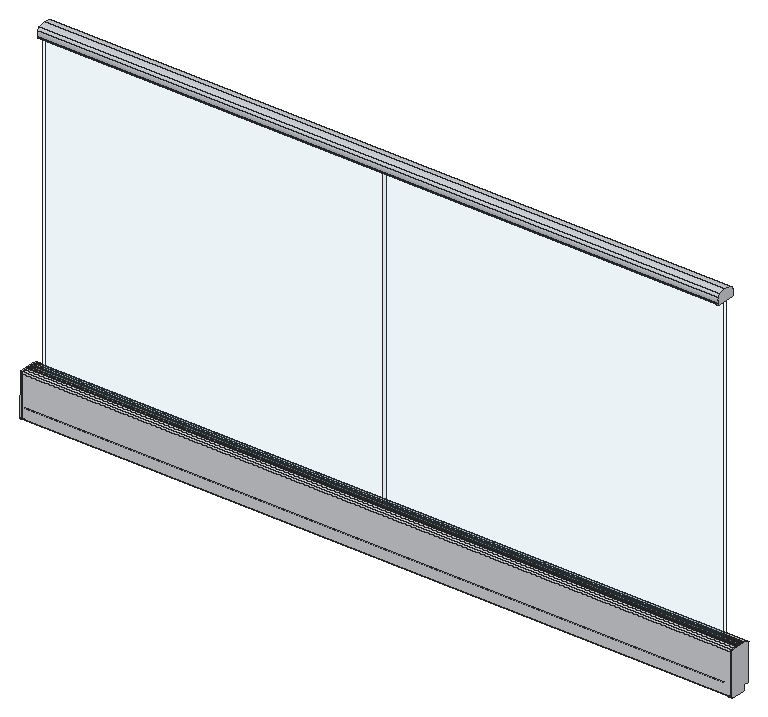
Revit family "Panorama", category Generic Models, Revit 2020
Family settings
  Can host rebar = No
  Round Connector Dimension = Use Diameter
  Part Type = Normal
  Work Plane-Based = No
  Always vertical = Yes
  Cut with Voids When Loaded = No
  Shared = No
  Room Calculation Point = No
Parameters (values of type "PANORAMA (VRT Top rail)")
  Height = 1218 mm
  Hand rail height = 850 mm
  VRT(Side fix) = no
  VRT (Top rail) = yes
  VRR (Top rail) = no
  VRR (Side fix) = no
  VRE (Top rail) = no
  VRE (Side fix) = no
  URL = "WWW.UNEX.CO.NZ"
  Panel Size = C2C / Panel QTY  # 1200 mm
  Panel QTY = roundup(C2C / Max Panel Size)  # 2
  PRR(Side fix) = no
  PRR (Top Rail) = no
  Model = "UNEX, PANORAMA SIDE FIXED WITH TOP (VRT)"
  Max Panel Size = 1400 mm
  Manufacturer = "UNEX SYSTEMS"
  Length = 2500 mm
  LRS (Top rail) = no
  LRR ( Side fix Round hand rail) = no
  Keynote = "UNEX SYSTEMS, PANORAMA SIDE FIXED BALUSTRADE"
  Hand rail space = Panel Size - 200 mm  # 1000 mm
  Hand rail brackets = no
  Hand rail QTY = Panel QTY  # 2
  Glass Thickness = 15 mm
  Glass Height = Height - 44 mm  # 1174 mm
  End gap = 50 mm
  Description = "UNEX PANORAMA FRAMELESS GLASS WITH VRT TOP RAIL"
  Default Elevation = 0 mm
  C2C = Length - End gap * 2  # 2400 mm
  Arena points total = Arena QTY per panel * Panel QTY  # 12
  Arena QTY per panel = Panel Size / 200 mm  # 6
  ART (side fix) = no
  ART (Top rail) = no
  ARN (Top rail) = no
Reference planes
  plane 1 "Center (Front/Back)": y = 0
  plane 2: z = 0
  plane 3 "Center (Left/Right)": x = 0
  plane 4: y = -15
  plane 5 "Top of Glass": z = 1218
  plane 6 "End gap Right": x = 2450
  plane 7: y = 50
  plane 8 "End Gap Left": x = -50
  plane 9 "Rear of chanel": x = 2400
  plane 10: x = 100
  plane 11: x = 1200
  plane 12: x = 2300
  plane 13: z = 1100
  plane 14: x = 1100
  plane 15: x = 1300
  plane 16: y = -7.5
  plane 17: y = 65.305
  plane 18 "Glass centre": y = -7.5
  plane 19 "Centre of clamp": y = -7.5
  plane 20 "Bottom of Glass": z = 44.494
Forms (mm)
  Extrusion 1, solid, material "Glass"
    sketch origin (66.667, 0, 219.685) x (1, 0, 0) y (0, 0, 1)
      loop
        line (-66.667, 998.809) -> (-66.667, -175.191) -> (1133.333, -175.191) -> (1133.333, 998.809) -> (-66.667, 998.809)
    from 0 to 15
  Extrusion 2, solid, not visible
    sketch origin (0, 0, 0) x (1, 0, 0) y (0, 0, 1)
      loop
        circle (100, 227.326) r 20
    from -50 to 35
  Extrusion 3, solid, material "Glass"
    sketch origin (1266.667, 0, 219.685) x (1, 0, 0) y (0, 0, 1)
      loop
        line (-66.667, 998.809) -> (-66.667, -175.191) -> (1133.333, -175.191) -> (1133.333, 998.809) -> (-66.667, 998.809)
    from 0 to 15
  Extrusion 4, solid, not visible
    sketch origin (182.2, 0, 0) x (0, 1, 0) y (0, 0, 1)
      loop
        line (-157.886, -47.53) -> (-169.161, -47.53) -> (-169.161, -49.712) -> (-158.079, -49.712) -> (-137.844, -53.28)
        arc (-137.844, -53.28) -> (-136.806, -53.879) -> (-136.396, -55.005) r 1.752
        line (-136.396, -55.005) -> (-136.396, -179.101)
        arc (-136.396, -179.101) -> (-137.035, -180.644) -> (-138.578, -181.283) r 2.182
        line (-138.578, -181.283) -> (-178.365, -181.283) -> (-220.151, -181.283)
        arc (-220.151, -181.283) -> (-221.694, -180.644) -> (-222.334, -179.101) r 2.182
        line (-222.334, -179.101) -> (-222.334, -55.005)
        arc (-222.334, -55.005) -> (-221.924, -53.879) -> (-220.886, -53.28) r 1.752
        line (-220.886, -53.28) -> (-200.651, -49.712) -> (-189.526, -49.712) -> (-189.526, -47.53) -> (-200.843, -47.53) -> (-223.258, -51.483)
        arc (-223.258, -51.483) -> (-224.55, -52.229) -> (-225.061, -53.632) r 2.182
        line (-225.061, -53.632) -> (-225.061, -181.276)
        arc (-225.061, -181.276) -> (-223.974, -183.898) -> (-221.352, -184.985) r 3.709
        line (-221.352, -184.985) -> (-178.997, -184.985) -> (-137.378, -184.985)
        arc (-137.378, -184.985) -> (-134.755, -183.898) -> (-133.669, -181.276) r 3.709
        line (-133.669, -181.276) -> (-133.669, -53.632)
        arc (-133.669, -53.632) -> (-134.179, -52.229) -> (-135.472, -51.483) r 2.182
        line (-135.472, -51.483) -> (-157.886, -47.53)
    from 0 to 2400 <- "C2C"
  Extrusion 5, solid, not visible
    sketch origin (182.2, 0, 0) x (0, 1, 0) y (0, 0, 1)
      loop
        line (-151.736, -60.621) -> (-163.178, -60.621) -> (-163.178, -73.712) -> (-156.911, -73.712)
        arc (-156.911, -73.712) -> (-155.852, -74.151) -> (-155.414, -75.209) r 1.497
        line (-155.414, -75.209) -> (-153.305, -99.893) -> (-157.669, -145.711) -> (-157.669, -164.894)
        arc (-157.669, -164.894) -> (-158.238, -166.201) -> (-159.583, -166.674) r 1.784
        line (-159.583, -166.674) -> (-178.152, -166.674) -> (-198.3, -166.674)
        arc (-198.3, -166.674) -> (-199.645, -166.201) -> (-200.214, -164.894) r 1.784
        line (-200.214, -164.894) -> (-200.214, -145.711) -> (-204.578, -99.893) -> (-202.469, -75.209)
        arc (-202.469, -75.209) -> (-202.031, -74.151) -> (-200.972, -73.712) r 1.497
        line (-200.972, -73.712) -> (-194.705, -73.712) -> (-194.705, -60.621) -> (-206.147, -60.621)
        arc (-206.147, -60.621) -> (-207.297, -60.989) -> (-208.02, -61.955) r 1.982
        line (-208.02, -61.955) -> (-214.396, -99.893) -> (-214.396, -181.283) -> (-143.487, -181.283) -> (-143.487, -99.893) -> (-149.863, -61.955)
        arc (-149.863, -61.955) -> (-150.586, -60.989) -> (-151.736, -60.621) r 1.982
    from 0 to 2400 <- "C2C"
  Extrusion 6, solid, material "Rubber", not visible
    sketch origin (182.2, 0, 0) x (0, 1, 0) y (0, 0, 1)
      loop
        arc (-169.161, -48.831) -> (-169.351, -47.955) -> (-170.142, -47.53) r 1.071
        line (-170.142, -47.53) -> (-174.273, -47.53) -> (-171.899, -49.193) -> (-174.275, -49.193) -> (-172.177, -50.662) -> (-174.438, -50.662) -> (-172.38, -52.103) -> (-174.07, -52.103) -> (-171.899, -53.623) -> (-174.167, -53.623) -> (-171.562, -55.446) -> (-173.913, -55.446) -> (-170.937, -57.53) -> (-169.161, -57.53) -> (-169.161, -48.831)
    from 0 to 2400 <- "C2C"
  Extrusion 7, solid, material "Rubber", not visible
    sketch origin (182.2, -358.687, 0) x (0, -1, 0) y (0, 0, -1)
      loop
        line (-169.161, 48.831) -> (-169.161, 57.53) -> (-170.937, 57.53) -> (-173.913, 55.446) -> (-171.562, 55.446) -> (-174.167, 53.623) -> (-171.899, 53.623) -> (-174.07, 52.103) -> (-172.38, 52.103) -> (-174.438, 50.662) -> (-172.177, 50.662) -> (-174.275, 49.193) -> (-171.899, 49.193) -> (-174.273, 47.53) -> (-170.142, 47.53)
        arc (-170.142, 47.53) -> (-169.351, 47.955) -> (-169.161, 48.831) r 1.071
    from 0 to 2400 <- "C2C"
  Extrusion 8, solid
    sketch origin (0, 0, 0) x (0, 1, 0) y (0, 0, 1)
      loop
        line (-45.07, 145.041) -> (-45.07, 2.998)
        arc (-45.07, 2.998) -> (-44.187, 0.878) -> (-42.064, 0) r 3.006
        line (-42.064, 0) -> (2.086, 0)
        arc (2.086, 0) -> (4.277, 1.126) -> (5.157, 3.426) r 3.447
        line (5.157, 3.426) -> (5.157, 17.478)
        arc (5.157, 17.478) -> (5.306, 18.37) -> (6.113, 18.778) r 1.001
        line (6.113, 18.778) -> (21.201, 18.778)
        arc (21.201, 18.778) -> (24.357, 20.808) -> (25.584, 24.354) r 5.738
        line (25.584, 24.354) -> (25.584, 145.282)
        arc (25.584, 145.282) -> (25.052, 147.514) -> (23.11, 148.735) r 3.034
        line (23.11, 148.735) -> (11.693, 150.744) -> (5.509, 150.744) -> (5.509, 148.356) -> (11.481, 148.356) -> (21.942, 146.512)
        arc (21.942, 146.512) -> (22.839, 145.902) -> (23.185, 144.873) r 1.702
        line (23.185, 144.873) -> (23.185, 24.873)
        arc (23.185, 24.873) -> (22.748, 23.818) -> (21.692, 23.381) r 1.493
        line (21.692, 23.381) -> (3.252, 23.381) -> (3.252, 5.371)
        arc (3.252, 5.371) -> (2.814, 4.316) -> (1.759, 3.878) r 1.493
        line (1.759, 3.878) -> (-20.793, 3.878) -> (-40.629, 3.878)
        arc (-40.629, 3.878) -> (-41.684, 4.316) -> (-42.122, 5.371) r 1.493
        line (-42.122, 5.371) -> (-42.122, 145.04)
        arc (-42.122, 145.04) -> (-41.772, 146) -> (-40.888, 146.51) r 1.493
        line (-40.888, 146.51) -> (-32.677, 147.958) -> (-20.509, 147.958) -> (-20.509, 150.744) -> (-30.629, 150.744) -> (-42.043, 148.732)
        arc (-42.043, 148.732) -> (-44.24, 147.447) -> (-45.07, 145.041) r 3.665
    from -50 to 2450
  Extrusion 9, solid
    sketch origin (0, 0, 0) x (0, 1, 0) y (0, 0, 1)
      loop
        line (-32.965, 128.964) -> (-36.516, 95.023) -> (-36.516, 59.106) -> (-36.516, 37.311)
        arc (-36.516, 37.311) -> (-33.602, 30.275) -> (-26.566, 27.361) r 9.95
        line (-26.566, 27.361) -> (12.907, 27.361) -> (12.907, 24.55) -> (22.687, 24.55) -> (22.687, 144.859)
        arc (22.687, 144.859) -> (22.422, 145.501) -> (21.78, 145.769) r 0.911
        line (21.78, 145.769) -> (19.316, 145.769)
        arc (19.316, 145.769) -> (18.67, 145.573) -> (18.242, 145.051) r 1.162
        line (18.242, 145.051) -> (15.225, 137.809) -> (0.797, 137.809) -> (0.797, 43.506)
        arc (0.797, 43.506) -> (-0.092, 41.696) -> (-2.068, 41.292) r 2.288
        line (-2.068, 41.292) -> (-20.731, 41.292)
        arc (-20.731, 41.292) -> (-22.44, 41.972) -> (-23.214, 43.641) r 2.487
        line (-23.214, 43.641) -> (-23.795, 54.088) -> (-20.731, 54.088) -> (-20.731, 43.779)
        arc (-20.731, 43.779) -> (-18.99, 41.887) -> (-17.146, 43.679) r 1.793
        line (-17.146, 43.679) -> (-17.146, 137.809) -> (-20.731, 137.809) -> (-20.731, 122.883) -> (-20.731, 62.289) -> (-24.25, 62.289) -> (-26.069, 95.023) -> (-26.069, 122.386)
        arc (-26.069, 122.386) -> (-25.923, 122.738) -> (-25.571, 122.883) r 0.497
        line (-25.571, 122.883) -> (-21.587, 122.883) -> (-21.587, 137.809) -> (-32.039, 137.809) -> (-32.965, 128.964)
    from -50 to 2450
  Extrusion 10, solid, material "Rubber"
    sketch origin (0, 1.37, 0.161) x (0, 1, 0) y (0, 0, 1)
      loop
        line (4.139, 150.591) -> (-1.009, 151.416)
        arc (-1.009, 151.416) -> (-1.327, 151.107) -> (-1.32, 150.663) r 0.561
        line (-1.32, 150.663) -> (-1.32, 142.667) -> (0.151, 141.586) -> (4.139, 141.586) -> (4.139, 150.591)
      loop
        line (-21.879, 150.591) -> (-21.879, 141.586) -> (-17.891, 141.586) -> (-16.419, 142.667) -> (-16.419, 150.663)
        arc (-16.419, 150.663) -> (-16.413, 151.107) -> (-16.73, 151.416) r 0.561
        line (-16.73, 151.416) -> (-21.879, 150.591)
    from -50 to 2450
  Extrusion 11, solid
    sketch origin (-50, 0, 0) x (0, 0, 1) y (0, -1, 0)
      loop
        line (150.744, -11.693) -> (150.744, 1.251) -> (150.744, 30.629) -> (148.732, 42.043)
        arc (148.732, 42.043) -> (147.447, 44.24) -> (145.041, 45.07) r 3.665
        line (145.041, 45.07) -> (2.998, 45.07)
        arc (2.998, 45.07) -> (0.878, 44.187) -> (0, 42.064) r 3.006
        line (0, 42.064) -> (0, -2.086)
        arc (0, -2.086) -> (1.126, -4.277) -> (3.426, -5.157) r 3.447
        line (3.426, -5.157) -> (17.478, -5.157)
        arc (17.478, -5.157) -> (18.37, -5.306) -> (18.778, -6.113) r 1.001
        line (18.778, -6.113) -> (18.778, -21.201)
        arc (18.778, -21.201) -> (20.808, -24.357) -> (24.354, -25.584) r 5.738
        line (24.354, -25.584) -> (145.282, -25.584)
        arc (145.282, -25.584) -> (147.514, -25.052) -> (148.735, -23.11) r 3.034
        line (148.735, -23.11) -> (150.744, -11.693)
    from 0 to -5
  Extrusion 12, solid
    sketch origin (2450, 0, 0) x (0, 0, -1) y (0, -1, 0)
      loop
        line (-150.744, 30.629) -> (-150.744, 1.026) -> (-150.744, -11.693) -> (-148.735, -23.11)
        arc (-148.735, -23.11) -> (-147.514, -25.052) -> (-145.282, -25.584) r 3.034
        line (-145.282, -25.584) -> (-24.354, -25.584)
        arc (-24.354, -25.584) -> (-20.808, -24.357) -> (-18.778, -21.201) r 5.738
        line (-18.778, -21.201) -> (-18.778, -6.113)
        arc (-18.778, -6.113) -> (-18.37, -5.306) -> (-17.478, -5.157) r 1.001
        line (-17.478, -5.157) -> (-3.426, -5.157)
        arc (-3.426, -5.157) -> (-1.126, -4.277) -> (0, -2.086) r 3.447
        line (0, -2.086) -> (0, 42.064)
        arc (0, 42.064) -> (-0.878, 44.187) -> (-2.998, 45.07) r 3.006
        line (-2.998, 45.07) -> (-145.041, 45.07)
        arc (-145.041, 45.07) -> (-147.447, 44.24) -> (-148.732, 42.043) r 3.665
        line (-148.732, 42.043) -> (-150.744, 30.629)
    from 0 to -5
Lines and regions (mm)
  reference lines, not visible
    curve 1: line (100, 0, 253.554) -> (100, 0, 213.554)
Dimensions and locks
  "Glass Thickness": plane 1 "Center (Front/Back)" to plane 4
  "End gap": plane 3 "Center (Left/Right)" to plane 8 "End Gap Left"
  "End gap": plane 6 "End gap Right" to plane 9 "Rear of chanel"
  "Length": plane 6 "End gap Right" to plane 8 "End Gap Left"
  locked: Extrusion 1 to plane 10 at 100
  "Panel Size": plane 11 to plane 3 "Center (Left/Right)"
  locked: plane 9 "Rear of chanel" to plane 12 at 100
  "Panel Size": Extrusion 1 sketch curve to Extrusion 1 sketch curve
  "Glass Height": Extrusion 1 sketch curve to Extrusion 1 sketch curve
  "Panel Size": Extrusion 3 sketch curve to Extrusion 3 sketch curve
  "Glass Height": Extrusion 3 sketch curve to Extrusion 3 sketch curve
  group 2 to group 3 = 1200 mm
  group 2 to group 3 = 0 mm  (x2)
  Extrusion 3 to plane 12 = 100 mm
  "Hand rail space": plane 10 to plane 14
  "Hand rail space": plane 12 to plane 15
  group 4 to group 10 = 1200 mm
  group 4 to group 10 = 0 mm  (x2)
  group 9 to group 11 = 1200 mm
  group 9 to group 11 = 0 mm  (x2)
  locked: Extrusion 3 to nested 8 at 65
  plane 1 "Center (Front/Back)" to Extrusion 1 = 15 mm
  locked: Extrusion 1 to Extrusion 9 at 3.203
  "Height": plane 5 "Top of Glass" to level
  locked: plane 20 "Bottom of Glass" to level at 44.494
  plane 3 "Center (Left/Right)" to Extrusion 1 = 1200 mm
  aligned and locked: level to plane 2
  aligned and locked: plane 13 to nested 1
  aligned and locked: nested 1 to plane 10
  aligned and locked: nested 1 to plane 13
  aligned and locked: plane 13 to nested 5
  aligned and locked: plane 14 to nested 5
  aligned and locked: plane 13 to nested 6
  aligned and locked: plane 15 to nested 6
  aligned and locked: nested 7 to plane 12
  aligned and locked: plane 13 to nested 7
  aligned and locked: plane 3 "Center (Left/Right)" to nested 8
  aligned and locked: nested 8 to plane 9 "Rear of chanel"
  aligned and locked: nested 8 to plane 13
  aligned and locked: plane 3 "Center (Left/Right)" to nested 9
  aligned and locked: plane 9 "Rear of chanel" to nested 9
  aligned and locked: nested 9 to plane 5 "Top of Glass"
  aligned and locked: plane 16 to nested 9
  aligned and locked: plane 3 "Center (Left/Right)" to nested 10
  aligned and locked: plane 9 "Rear of chanel" to nested 10
  aligned and locked: nested 10 to plane 16
  aligned and locked: nested 10 to plane 5 "Top of Glass"
  aligned and locked: plane 3 "Center (Left/Right)" to nested 11
  aligned and locked: nested 11 to plane 5 "Top of Glass"
  aligned and locked: plane 16 to nested 11
  aligned and locked: plane 9 "Rear of chanel" to nested 11
  aligned and locked: plane 3 "Center (Left/Right)" to nested 12
  aligned and locked: nested 12 to plane 9 "Rear of chanel"
  aligned and locked: nested 12 to plane 16
  aligned and locked: nested 13 to plane 9 "Rear of chanel"
  aligned and locked: plane 3 "Center (Left/Right)" to nested 13
  aligned and locked: nested 13 to plane 5 "Top of Glass"
  aligned and locked: nested 13 to plane 16
  aligned and locked: plane 3 "Center (Left/Right)" to nested 14
  aligned and locked: plane 9 "Rear of chanel" to nested 14
  aligned and locked: plane 16 to nested 14
  aligned and locked: nested 14 to plane 5 "Top of Glass"
  aligned and locked: plane 3 "Center (Left/Right)" to nested 15
  aligned and locked: plane 9 "Rear of chanel" to nested 15
  aligned and locked: nested 15 to plane 13
  aligned and locked: plane 3 "Center (Left/Right)" to nested 16
  aligned and locked: plane 9 "Rear of chanel" to nested 16
  aligned and locked: nested 16 to plane 13
  aligned and locked: plane 17 to nested 16
  aligned and locked: plane 3 "Center (Left/Right)" to nested 17
  aligned and locked: nested 17 to plane 9 "Rear of chanel"
  aligned and locked: nested 17 to plane 17
  aligned and locked: nested 17 to plane 13
  aligned and locked: plane 3 "Center (Left/Right)" to nested 18
  aligned and locked: nested 18 to plane 9 "Rear of chanel"
  aligned and locked: nested 18 to plane 17
  aligned and locked: nested 18 to plane 13
  aligned and locked: plane 3 "Center (Left/Right)" to nested 19
  aligned and locked: plane 9 "Rear of chanel" to nested 19
  aligned and locked: nested 19 to plane 13
  aligned and locked: plane 17 to nested 19
  aligned and locked: plane 19 "Centre of clamp" to plane 18 "Glass centre"
  aligned and locked: Extrusion 4 to Extrusion 5
  aligned and locked: plane 3 "Center (Left/Right)" to nested 20
  aligned and locked: nested 20 to plane 9 "Rear of chanel"
  aligned and locked: nested 20 to plane 16
  aligned and locked: nested 20 to plane 5 "Top of Glass"
  aligned and locked: Extrusion 8 to Extrusion 10  (x2)
  aligned and locked: Extrusion 8 to level
  aligned and locked: Extrusion 8 to plane 6 "End gap Right"
  aligned and locked: Extrusion 8 to Extrusion 9
  aligned and locked: Extrusion 10 to Extrusion 8
  aligned and locked: Extrusion 8 to plane 8 "End Gap Left"
  aligned and locked: Extrusion 9 to plane 8 "End Gap Left"
  aligned and locked: Extrusion 12 sketch curve to Extrusion 8
  aligned and locked: Extrusion 1 to plane 20 "Bottom of Glass"
  aligned and locked: plane 20 "Bottom of Glass" to Extrusion 1
  aligned and locked: plane 9 "Rear of chanel" to Extrusion 3
  aligned and locked: nested 12 to Extrusion 1
Automatic sketch dimensions
  Extrusion 4 sketch curve to Extrusion 4 sketch curve = 1.803 mm
  Extrusion 4 sketch curve to Extrusion 4 sketch curve = 2.727 mm
  Extrusion 4 sketch curve to Extrusion 4 sketch curve = 0.982 mm
  Extrusion 4 sketch curve to Extrusion 4 sketch curve = 1.994 mm
  Extrusion 4 sketch curve to Extrusion 4 sketch curve = 1.752 mm  (x2)
  Extrusion 4 sketch curve to Extrusion 4 sketch curve = 1.2 mm  (x2)
  Extrusion 4 sketch curve to Extrusion 4 sketch curve = 20.042 mm
  Extrusion 4 sketch curve to Extrusion 4 sketch curve = 0.192 mm  (x2)
  Extrusion 4 sketch curve to Extrusion 4 sketch curve = 11.125 mm
  Extrusion 4 sketch curve to Extrusion 4 sketch curve = 41.154 mm
  Extrusion 4 sketch curve to Extrusion 4 sketch curve = 0.632 mm
  Extrusion 4 sketch curve to Extrusion 4 sketch curve = 20.364 mm
  Extrusion 4 sketch curve to Extrusion 4 sketch curve = 11.083 mm
  Extrusion 4 sketch curve to Extrusion 4 sketch curve = 39.787 mm
  Extrusion 4 sketch curve to Extrusion 4 sketch curve = 19.93 mm
  Extrusion 4 sketch curve to Extrusion 4 sketch curve = 0.304 mm
  Extrusion 4 sketch curve to Extrusion 4 sketch curve = 0.546 mm  (x2)
  Extrusion 4 sketch curve to Extrusion 4 sketch curve = 0.379 mm
  Extrusion 4 sketch curve to Extrusion 4 sketch curve = 2.182 mm  (x3)
  Extrusion 4 sketch curve to Extrusion 4 sketch curve = 124.095 mm
  Extrusion 4 sketch curve to Extrusion 4 sketch curve = 2.175 mm
  Extrusion 5 sketch curve to Extrusion 5 sketch curve = 6.376 mm
  Extrusion 5 sketch curve to Extrusion 5 sketch curve = 1.873 mm  (x2)
  Extrusion 5 sketch curve to Extrusion 5 sketch curve = 9.818 mm  (x2)
  Extrusion 5 sketch curve to Extrusion 5 sketch curve = 3.678 mm
  Extrusion 5 sketch curve to Extrusion 5 sketch curve = 1.497 mm  (x2)
  Extrusion 5 sketch curve to Extrusion 5 sketch curve = 14.182 mm
  Extrusion 5 sketch curve to Extrusion 5 sketch curve = 1.784 mm  (x2)
  Extrusion 5 sketch curve to Extrusion 5 sketch curve = 6.267 mm  (x2)
  Extrusion 5 sketch curve to Extrusion 5 sketch curve = 20.278 mm
  Extrusion 5 sketch curve to Extrusion 5 sketch curve = 31.527 mm
  Extrusion 5 sketch curve to Extrusion 5 sketch curve = 18.699 mm
  Extrusion 5 sketch curve to Extrusion 5 sketch curve = 2.108 mm
  Extrusion 5 sketch curve to Extrusion 5 sketch curve = 11.442 mm
  Extrusion 5 sketch curve to Extrusion 5 sketch curve = 0.648 mm  (x2)
  Extrusion 5 sketch curve to Extrusion 5 sketch curve = 13.091 mm  (x2)
  Extrusion 5 sketch curve to Extrusion 5 sketch curve = 24.683 mm  (x2)
  Extrusion 5 sketch curve to Extrusion 5 sketch curve = 0.001 mm  (x2)
  Extrusion 5 sketch curve to Extrusion 5 sketch curve = 45.818 mm
  Extrusion 5 sketch curve to Extrusion 5 sketch curve = 0 mm
  Extrusion 5 sketch curve to Extrusion 5 sketch curve = 19.183 mm  (x2)
  Extrusion 5 sketch curve to Extrusion 5 sketch curve = 1.78 mm
  Extrusion 5 sketch curve to Extrusion 5 sketch curve = 16.389 mm
  Extrusion 6 sketch curve to Extrusion 6 sketch curve = 0.162 mm
  Extrusion 6 sketch curve to Extrusion 6 sketch curve = 0.002 mm
  Extrusion 6 sketch curve to Extrusion 6 sketch curve = 0.271 mm
  Extrusion 6 sketch curve to Extrusion 6 sketch curve = 0.368 mm
  Extrusion 6 sketch curve to Extrusion 6 sketch curve = 0.254 mm
  Extrusion 6 sketch curve to Extrusion 6 sketch curve = 1.69 mm
  Extrusion 6 sketch curve to Extrusion 6 sketch curve = 0.203 mm
  Extrusion 6 sketch curve to Extrusion 6 sketch curve = 0.481 mm
  Extrusion 6 sketch curve to Extrusion 6 sketch curve = 0.278 mm
  Extrusion 6 sketch curve to Extrusion 6 sketch curve = 0.337 mm
  Extrusion 6 sketch curve to Extrusion 6 sketch curve = 0.626 mm
  Extrusion 6 sketch curve to Extrusion 6 sketch curve = 1.692 mm
  Extrusion 6 sketch curve to Extrusion 6 sketch curve = 0.065 mm
  Extrusion 6 sketch curve to Extrusion 6 sketch curve = 1.775 mm
  Extrusion 6 sketch curve to Extrusion 6 sketch curve = 2.084 mm
  Extrusion 6 sketch curve to Extrusion 6 sketch curve = 1.52 mm
  Extrusion 6 sketch curve to Extrusion 6 sketch curve = 1.301 mm
  Extrusion 7 sketch curve to Extrusion 7 sketch curve = 0.162 mm
  Extrusion 7 sketch curve to Extrusion 7 sketch curve = 0.002 mm
  Extrusion 7 sketch curve to Extrusion 7 sketch curve = 0.271 mm
  Extrusion 7 sketch curve to Extrusion 7 sketch curve = 0.368 mm
  Extrusion 7 sketch curve to Extrusion 7 sketch curve = 0.254 mm
  Extrusion 7 sketch curve to Extrusion 7 sketch curve = 1.69 mm
  Extrusion 7 sketch curve to Extrusion 7 sketch curve = 0.203 mm
  Extrusion 7 sketch curve to Extrusion 7 sketch curve = 0.481 mm
  Extrusion 7 sketch curve to Extrusion 7 sketch curve = 0.278 mm
  Extrusion 7 sketch curve to Extrusion 7 sketch curve = 0.337 mm
  Extrusion 7 sketch curve to Extrusion 7 sketch curve = 0.626 mm
  Extrusion 7 sketch curve to Extrusion 7 sketch curve = 1.692 mm
  Extrusion 7 sketch curve to Extrusion 7 sketch curve = 0.065 mm
  Extrusion 7 sketch curve to Extrusion 7 sketch curve = 1.775 mm
  Extrusion 7 sketch curve to Extrusion 7 sketch curve = 2.084 mm
  Extrusion 7 sketch curve to Extrusion 7 sketch curve = 1.52 mm
  Extrusion 7 sketch curve to Extrusion 7 sketch curve = 1.301 mm
  Extrusion 4 sketch curve to Extrusion 4 sketch curve = 0 mm  (x2)
  Extrusion 4 sketch curve to Extrusion 4 sketch curve = 1.374 mm  (x2)
  Extrusion 4 sketch curve to Extrusion 4 sketch curve = 3.568 mm
  Extrusion 5 sketch curve to Extrusion 5 sketch curve = 45.817 mm
  Extrusion 6 sketch curve to Extrusion 6 sketch curve = 1.824 mm
  Extrusion 6 sketch curve to Extrusion 6 sketch curve = 1.441 mm
  Extrusion 6 sketch curve to Extrusion 6 sketch curve = 1.469 mm
  Extrusion 6 sketch curve to Extrusion 6 sketch curve = 0.361 mm
  Extrusion 7 sketch curve to Extrusion 7 sketch curve = 1.824 mm
  Extrusion 7 sketch curve to Extrusion 7 sketch curve = 1.441 mm
  Extrusion 7 sketch curve to Extrusion 7 sketch curve = 1.469 mm
  Extrusion 7 sketch curve to Extrusion 7 sketch curve = 0.361 mm
  plane 4 to Extrusion 9 sketch curve = 21.516 mm
  plane 4 to Extrusion 9 sketch curve = 17.039 mm
  plane 4 to Extrusion 9 sketch curve = 11.566 mm
  Extrusion 9 sketch curve to Extrusion 9 sketch curve = 10.448 mm
  Extrusion 9 sketch curve to Extrusion 9 sketch curve = 0.497 mm
  plane 4 to Extrusion 9 sketch curve = 9.25 mm
  Extrusion 9 sketch curve to Extrusion 9 sketch curve = 0.456 mm
  Extrusion 9 sketch curve to Extrusion 9 sketch curve = 3.352 mm
  Extrusion 9 sketch curve to Extrusion 9 sketch curve = 2.484 mm
  Extrusion 9 sketch curve to Extrusion 9 sketch curve = 3.064 mm
  Extrusion 9 sketch curve to Extrusion 9 sketch curve = 3.52 mm
  Extrusion 9 sketch curve to Extrusion 9 sketch curve = 1.791 mm
  plane 4 to Extrusion 9 sketch curve = 2.146 mm
  plane 1 "Center (Front/Back)" to Extrusion 9 sketch curve = 2.068 mm
  plane 1 "Center (Front/Back)" to Extrusion 9 sketch curve = 1.492 mm
  Extrusion 9 sketch curve to plane 1 "Center (Front/Back)" = 0.797 mm
  Extrusion 9 sketch curve to plane 1 "Center (Front/Back)" = 12.907 mm
  Extrusion 9 sketch curve to Extrusion 9 sketch curve = 14.428 mm
  Extrusion 9 sketch curve to Extrusion 9 sketch curve = 3.017 mm
  Extrusion 9 sketch curve to Extrusion 9 sketch curve = 1.074 mm
  Extrusion 9 sketch curve to Extrusion 9 sketch curve = 2.461 mm
  Extrusion 9 sketch curve to Extrusion 9 sketch curve = 0.003 mm
  Extrusion 9 sketch curve to Extrusion 9 sketch curve = 9.78 mm
  Extrusion 9 sketch curve to Extrusion 9 sketch curve = 2.811 mm
  Extrusion 9 sketch curve to Extrusion 9 sketch curve = 13.931 mm
  Extrusion 9 sketch curve to Extrusion 9 sketch curve = 2.349 mm
  Extrusion 9 sketch curve to Extrusion 9 sketch curve = 0.1 mm
  Extrusion 9 sketch curve to Extrusion 9 sketch curve = 10.309 mm
  Extrusion 9 sketch curve to Extrusion 9 sketch curve = 5.018 mm
  Extrusion 9 sketch curve to Extrusion 9 sketch curve = 8.2 mm
  Extrusion 9 sketch curve to Extrusion 9 sketch curve = 32.734 mm
  Extrusion 9 sketch curve to Extrusion 9 sketch curve = 0.001 mm  (x2)
  Extrusion 9 sketch curve to Extrusion 9 sketch curve = 27.363 mm
  Extrusion 9 sketch curve to Extrusion 9 sketch curve = 14.925 mm  (x2)
  Extrusion 9 sketch curve to Extrusion 9 sketch curve = 6.798 mm
  Extrusion 9 sketch curve to Extrusion 9 sketch curve = 0.252 mm
  Extrusion 9 sketch curve to Extrusion 9 sketch curve = 0.926 mm
  Extrusion 9 sketch curve to Extrusion 9 sketch curve = 0 mm  (x3)
  Extrusion 9 sketch curve to Extrusion 9 sketch curve = 0.856 mm
  Extrusion 9 sketch curve to Extrusion 9 sketch curve = 8.846 mm
  level to Extrusion 8 sketch curve = 2.998 mm
  plane 4 to Extrusion 8 sketch curve = 30.07 mm
  Extrusion 8 sketch curve to Extrusion 8 sketch curve = 2.949 mm
  Extrusion 8 sketch curve to Extrusion 8 sketch curve = 0.058 mm
  Extrusion 8 sketch curve to Extrusion 8 sketch curve = 0.079 mm
  Extrusion 8 sketch curve to Extrusion 8 sketch curve = 0.715 mm
  Extrusion 8 sketch curve to Extrusion 8 sketch curve = 0.518 mm
  Extrusion 8 sketch curve to Extrusion 8 sketch curve = 1.435 mm
  Extrusion 8 sketch curve to Extrusion 8 sketch curve = 0.777 mm
  Extrusion 8 sketch curve to Extrusion 8 sketch curve = 8.211 mm
  Extrusion 8 sketch curve to Extrusion 8 sketch curve = 2.049 mm
  plane 4 to Extrusion 8 sketch curve = 5.793 mm
  Extrusion 8 sketch curve to plane 1 "Center (Front/Back)" = 1.759 mm
  Extrusion 8 sketch curve to Extrusion 8 sketch curve = 0.049 mm
  level to Extrusion 8 sketch curve = 0 mm
  Extrusion 8 sketch curve to plane 1 "Center (Front/Back)" = 2.086 mm
  Extrusion 8 sketch curve to plane 1 "Center (Front/Back)" = 5.509 mm
  Extrusion 8 sketch curve to plane 1 "Center (Front/Back)" = 3.252 mm
  Extrusion 8 sketch curve to Extrusion 8 sketch curve = 1.906 mm
  Extrusion 8 sketch curve to Extrusion 8 sketch curve = 0.956 mm
  Extrusion 8 sketch curve to Extrusion 8 sketch curve = 5.971 mm
  Extrusion 8 sketch curve to Extrusion 8 sketch curve = 0.212 mm
  Extrusion 8 sketch curve to Extrusion 8 sketch curve = 13.733 mm
  Extrusion 8 sketch curve to Extrusion 8 sketch curve = 10.003 mm
  Extrusion 8 sketch curve to Extrusion 8 sketch curve = 1.846 mm
  Extrusion 8 sketch curve to Extrusion 8 sketch curve = 0.459 mm
  Extrusion 8 sketch curve to Extrusion 8 sketch curve = 0.644 mm
  Extrusion 8 sketch curve to Extrusion 8 sketch curve = 1.168 mm
  Extrusion 8 sketch curve to Extrusion 8 sketch curve = 1.493 mm
  Extrusion 8 sketch curve to Extrusion 8 sketch curve = 2.399 mm
  level to Extrusion 8 sketch curve = 3.878 mm
  Extrusion 8 sketch curve to Extrusion 8 sketch curve = 4.603 mm
  Extrusion 8 sketch curve to Extrusion 8 sketch curve = 120 mm
  Extrusion 8 sketch curve to Extrusion 8 sketch curve = 0.167 mm
  Extrusion 8 sketch curve to Extrusion 8 sketch curve = 0.001 mm
  Extrusion 8 sketch curve to Extrusion 8 sketch curve = 0.082 mm
  Extrusion 8 sketch curve to Extrusion 8 sketch curve = 0.409 mm
  Extrusion 8 sketch curve to Extrusion 8 sketch curve = 0.765 mm
  Extrusion 8 sketch curve to Extrusion 8 sketch curve = 1.448 mm
  Extrusion 8 sketch curve to Extrusion 8 sketch curve = 3.483 mm
  Extrusion 8 sketch curve to Extrusion 8 sketch curve = 2.388 mm
  Extrusion 8 sketch curve to Extrusion 8 sketch curve = 2.786 mm
  plane 4 to Extrusion 8 sketch curve = 5.509 mm
  plane 4 to Extrusion 10 sketch curve = 5.509 mm
  plane 4 to Extrusion 10 sketch curve = 1.521 mm
  plane 4 to Extrusion 10 sketch curve = 0.562 mm
  plane 4 to Extrusion 10 sketch curve = 0.361 mm
  plane 4 to Extrusion 10 sketch curve = 0.05 mm
  Extrusion 10 sketch curve to plane 1 "Center (Front/Back)" = 0.05 mm
  Extrusion 10 sketch curve to plane 1 "Center (Front/Back)" = 0.361 mm
  Extrusion 10 sketch curve to Extrusion 10 sketch curve = 0.512 mm
  Extrusion 10 sketch curve to plane 1 "Center (Front/Back)" = 1.521 mm
  Extrusion 10 sketch curve to Extrusion 10 sketch curve = 4.948 mm
  Extrusion 10 sketch curve to Extrusion 10 sketch curve = 0 mm
  Extrusion 10 sketch curve to Extrusion 10 sketch curve = 1.08 mm  (x2)
  Extrusion 10 sketch curve to Extrusion 10 sketch curve = 9.005 mm  (x2)
  Extrusion 10 sketch curve to Extrusion 10 sketch curve = 0.072 mm  (x2)
  Extrusion 10 sketch curve to Extrusion 10 sketch curve = 0.229 mm  (x2)
  plane 4 to Extrusion 11 sketch curve = 26.406 mm
  plane 4 to Extrusion 11 sketch curve = 27.043 mm
  Extrusion 11 sketch curve to Extrusion 11 sketch curve = 3.609 mm
  Extrusion 11 sketch curve to Extrusion 11 sketch curve = 0.081 mm
  plane 4 to Extrusion 11 sketch curve = 15.629 mm
  Extrusion 11 sketch curve to Extrusion 11 sketch curve = 2.013 mm
  plane 1 "Center (Front/Back)" to Extrusion 11 sketch curve = 1.251 mm
  Extrusion 11 sketch curve to Extrusion 11 sketch curve = 12.944 mm
  level to Extrusion 11 sketch curve = 2.998 mm
  Extrusion 11 sketch curve to level = 0 mm
  Extrusion 11 sketch curve to Extrusion 11 sketch curve = 0.008 mm
  Extrusion 11 sketch curve to plane 1 "Center (Front/Back)" = 2.086 mm
  Extrusion 11 sketch curve to plane 1 "Center (Front/Back)" = 1.71 mm
  level to Extrusion 11 sketch curve = 3.426 mm
  Extrusion 11 sketch curve to Extrusion 11 sketch curve = 0.956 mm
  Extrusion 11 sketch curve to Extrusion 11 sketch curve = 15.088 mm
  Extrusion 11 sketch curve to Extrusion 11 sketch curve = 5.576 mm
  Extrusion 11 sketch curve to Extrusion 11 sketch curve = 1.355 mm
  Extrusion 11 sketch curve to Extrusion 11 sketch curve = 5.462 mm
  Extrusion 11 sketch curve to Extrusion 11 sketch curve = 0.465 mm
  Extrusion 11 sketch curve to Extrusion 11 sketch curve = 2.998 mm
  Extrusion 11 sketch curve to Extrusion 11 sketch curve = 2.988 mm
  plane 4 to Extrusion 12 sketch curve = 15.629 mm
  Extrusion 12 sketch curve to Extrusion 12 sketch curve = 2.013 mm
  Extrusion 12 sketch curve to plane 1 "Center (Front/Back)" = 11.693 mm
  Extrusion 12 sketch curve to plane 1 "Center (Front/Back)" = 23.11 mm
  Extrusion 12 sketch curve to Extrusion 12 sketch curve = 2.009 mm
  plane 1 "Center (Front/Back)" to Extrusion 12 sketch curve = 1.026 mm
  Extrusion 12 sketch curve to Extrusion 12 sketch curve = 2.988 mm
  Extrusion 12 sketch curve to Extrusion 12 sketch curve = 0.524 mm
  Extrusion 12 sketch curve to Extrusion 12 sketch curve = 0.465 mm
  Extrusion 12 sketch curve to Extrusion 12 sketch curve = 5.738 mm
  Extrusion 12 sketch curve to plane 1 "Center (Front/Back)" = 6.113 mm
  level to Extrusion 12 sketch curve = 3.426 mm
  Extrusion 12 sketch curve to level = 0 mm
  Extrusion 12 sketch curve to plane 1 "Center (Front/Back)" = 1.71 mm
  Extrusion 12 sketch curve to Extrusion 12 sketch curve = 3.006 mm
  level to Extrusion 12 sketch curve = 2.998 mm
  Extrusion 12 sketch curve to Extrusion 12 sketch curve = 3.69 mm
  Extrusion 12 sketch curve to Extrusion 12 sketch curve = 3.609 mm
  Extrusion 12 sketch curve to Extrusion 12 sketch curve = 3.664 mm
  Extrusion 8 sketch curve to Extrusion 8 sketch curve = 12.107 mm
  Extrusion 8 sketch curve to Extrusion 8 sketch curve = 0.298 mm
  Extrusion 8 sketch curve to Extrusion 8 sketch curve = 0.519 mm
  level to Extrusion 9 sketch curve = 24.55 mm
  level to Extrusion 10 sketch curve = 141.747 mm
  Extrusion 11 sketch curve to Extrusion 11 sketch curve = 14.052 mm
  Extrusion 11 sketch curve to Extrusion 11 sketch curve = 0.298 mm
  Extrusion 11 sketch curve to Extrusion 11 sketch curve = 126.263 mm
  Extrusion 12 sketch curve to Extrusion 12 sketch curve = 14.052 mm
  Extrusion 12 sketch curve to Extrusion 12 sketch curve = 0.298 mm
  Extrusion 12 sketch curve to Extrusion 12 sketch curve = 1.001 mm
  Extrusion 12 sketch curve to Extrusion 12 sketch curve = 5.576 mm
  Extrusion 12 sketch curve to Extrusion 12 sketch curve = 126.263 mm
  radius of Extrusion 2 sketch curve = 20 mm
Nested families
  nested 1: "Leader bracket glass" at (100, 0, 1026.448) x (0, -1, 0) z (0, 0, 1), visible <- "Hand rail brackets", type "Leader bracket glass"
    with Hand rail bracket no
  nested 2: "Leader bracket glass" at (2300, 0, 1026.448) x (0, -1, 0) z (0, 0, 1), visible <- "Hand rail brackets", type "Leader bracket glass", not visible
    with Hand rail bracket no
  nested 3: "Leader bracket glass" at (1100, 0, 1026.448) x (0, -1, 0) z (0, 0, 1), visible <- "Hand rail brackets", type "Leader bracket glass", not visible
    with Hand rail bracket no
  nested 4: "Leader bracket glass" at (100, 0, 1026.448) x (0, -1, 0) z (0, 0, 1), visible <- "Hand rail brackets", type "Leader bracket glass", not visible
    with Hand rail bracket no
  nested 5: "Leader bracket glass" at (1100, 0, 1026.448) x (0, -1, 0) z (0, 0, 1), visible <- "Hand rail brackets", type "Leader bracket glass"
    with Hand rail bracket no
  nested 6: "Leader bracket glass" at (1300, 0, 1026.448) x (0, -1, 0) z (0, 0, 1), visible <- "Hand rail brackets", type "Leader bracket glass"
    with Hand rail bracket no
  nested 7: "Leader bracket glass" at (2300, 0, 1026.448) x (0, -1, 0) z (0, 0, 1), visible <- "Hand rail brackets", type "Leader bracket glass"
    with Hand rail bracket no
  nested 8: "LLR Hand rail" at (0, 65, 82.792), visible <- "LRR ( Side fix Round hand rail)", type "LLR Hand rail"
    with Length 2400 mm, LLR (Round hand rail) no
  nested 9: "ARN for Arena points" at (0, -7.5, 1189.203), visible <- "ARN (Top rail)", type "ARN for Arena points"
    with Length 2400 mm, ARN Top Rail no
  nested 10: "ART TOP RAIL" at (0, -7.5, 1098), visible <- "ART (Top rail)", type "ART TOP RAIL"
    with Length 2400 mm, ART TOP RAIL no
  nested 11: "PRR TOP RAIL" at (0, -7.5, 1217.705), visible <- "PRR (Top Rail)", type "PRR TOP RAIL"
    with Length 2400 mm, PRR TOP RAIL no
  nested 12: "VRE TOP RAIL" at (0, -7.5, 1218.213) x (0, 1, 0) z (0, 0, 1), visible <- "VRE (Top rail)", type "VRE TOP RAIL"
    with Length 2400 mm, VRE TOP RAIL no
  nested 13: "VRR TOP RAIL" at (0, -7.5, 1205.559) x (0, 1, 0) z (0, 0, 1), visible <- "VRR (Top rail)", type "VRR TOP RAIL"
    with Length 2400 mm, VRR TOP RAIL no
  nested 14: "VRT TOP RAIL" at (0, -7.5, 1214.024), visible <- "VRT (Top rail)", type "VRT TOP RAIL"
    with Length 2400 mm
  nested 15: "ART Side RAIL" at (0, 67.5, 980), visible <- "ART (side fix)", type "ART Side RAIL"
    with Length 2400 mm, ART TOP RAIL no
  nested 16: "PRR Side rail" at (0, 65.305, 1099.705), visible <- "PRR(Side fix)", type "PRR Side rail"
    with Length 2400 mm, PRR TOP RAIL no
  nested 17: "VRE SIDE RAIL" at (0, 65.305, 1099.719) x (0, 1, 0) z (0, 0, 1), visible <- "VRE (Side fix)", type "VRE SIDE RAIL"
    with Length 2400 mm, VRE TOP RAIL no
  nested 18: "VRR SIDE RAIL" at (0, 65.305, 1087.559) x (0, 1, 0) z (0, 0, 1), visible <- "VRR (Side fix)", type "VRR SIDE RAIL"
    with Length 2400 mm, VRR TOP RAIL no
  nested 19: "VRT SIDE RAIL" at (0, 65.305, 1096.024), visible <- "VRT(Side fix)", type "VRT SIDE RAIL"
    with Length 2400 mm, VRT TOP RAIL no
  nested 20: "LRS Hand rail" at (0, -7.5, 181.239), visible <- "LRS (Top rail)", type "LRS Hand rail"
    with Length 2400 mm
Definition of nested family "VRT TOP RAIL"
  Parameters (values of type "VRT TOP RAIL")
    VRT TOP RAIL = yes
    Length [instance] = 500 mm
    Default Elevation = 0 mm
  Reference planes
    plane 1 "Center (Front/Back)": y = 0
    plane 2: z = 0
    plane 3 "Center (Left/Right)": x = 0
    plane 4: x = 500
  Forms (mm)
    Extrusion 1, solid, visible <- "VRT TOP RAIL"
      sketch origin (0, 0, 0) x (0, 1, 0) y (0, 0, 1)
        loop
          arc (27.348, 36.161) -> (13.913, 40.274) -> (-0.09, 41.433) r 65.633
          arc (-0.09, 41.433) -> (-12.442, 39.949) -> (-24.291, 36.161) r 65.633
          arc (-24.291, 36.161) -> (-27.669, 31.422) -> (-29.647, 25.948) r 21.42
          arc (-29.647, 25.948) -> (-30.392, 16.537) -> (-28.667, 7.255) r 36.031
          arc (-28.667, 7.255) -> (-27.781, 5.058) -> (-25.673, 3.976) r 3.392
          line (-25.673, 3.976) -> (28.021, 3.976)
          arc (28.021, 3.976) -> (30.646, 5.01) -> (31.859, 7.557) r 3.847
          arc (31.859, 7.557) -> (33.314, 15.72) -> (33.016, 24.005) r 39.136
          arc (33.016, 24.005) -> (31.083, 30.503) -> (27.348, 36.161) r 23.118
      from 0 to 500
    Sweep 2, void
      path in 3D
        loop
          arc (500, -0.09, 41.433) -> (500, 13.913, 40.274) -> (500, 27.348, 36.161) r 65.633
          arc (500, 27.348, 36.161) -> (500, 31.083, 30.503) -> (500, 33.016, 24.005) r 23.118
          arc (500, 33.016, 24.005) -> (500, 33.314, 15.72) -> (500, 31.859, 7.557) r 39.136
          arc (500, 31.859, 7.557) -> (500, 30.646, 5.01) -> (500, 28.021, 3.976) r 3.847
          line (500, 28.021, 3.976) -> (500, -25.673, 3.976)
          arc (500, -25.673, 3.976) -> (500, -27.781, 5.058) -> (500, -28.667, 7.255) r 3.392
          arc (500, -28.667, 7.255) -> (500, -30.392, 16.537) -> (500, -29.647, 25.948) r 36.031
          arc (500, -29.647, 25.948) -> (500, -27.669, 31.422) -> (500, -24.291, 36.161) r 21.42
          arc (500, -24.291, 36.161) -> (500, -12.442, 39.949) -> (500, -0.09, 41.433) r 65.633
      profile origin (500, -12.442, 39.949) x (0, -0.212847, 0.977085) y (1, 0, 0)
        loop
          line (0, 0) -> (-2.5, 0)
          arc (-2.5, 0) -> (-0.732, -0.732) -> (0, -2.5) r 2.5
          line (0, -2.5) -> (0, 0)
  Lines and regions (mm)
    sketch lines
      curve 1: arc (500, -24.291, 36.161) -> (500, -12.442, 39.949) -> (500, -0.09, 41.433) r 65.633
      curve 2: arc (500, -0.09, 41.433) -> (500, 13.913, 40.274) -> (500, 27.348, 36.161) r 65.633
      curve 3: arc (500, 27.348, 36.161) -> (500, 31.083, 30.503) -> (500, 33.016, 24.005) r 23.118
      curve 4: arc (500, 33.016, 24.005) -> (500, 33.314, 15.72) -> (500, 31.859, 7.557) r 39.136
      curve 5: arc (500, 31.859, 7.557) -> (500, 30.646, 5.01) -> (500, 28.021, 3.976) r 3.847
      curve 6: line (500, -25.673, 3.976) -> (500, 28.021, 3.976)
      curve 7: arc (500, -25.673, 3.976) -> (500, -27.781, 5.058) -> (500, -28.667, 7.255) r 3.392
      curve 8: arc (500, -28.667, 7.255) -> (500, -30.392, 16.537) -> (500, -29.647, 25.948) r 36.031
      curve 9: arc (500, -29.647, 25.948) -> (500, -27.669, 31.422) -> (500, -24.291, 36.161) r 21.42
  Dimensions and locks
    "Length": plane 3 "Center (Left/Right)" to plane 4
    aligned and locked: level to plane 2
    aligned and locked: plane 4 to Extrusion 1
    aligned and locked: Extrusion 1 to plane 3 "Center (Left/Right)"
  Automatic sketch dimensions
    Extrusion 1 sketch curve to Extrusion 1 sketch curve = 0 mm  (x3)
    level to Extrusion 1 sketch curve = 3.976 mm
    plane 1 "Center (Front/Back)" to Extrusion 1 sketch curve = 25.673 mm
    Extrusion 1 sketch curve to Extrusion 1 sketch curve = 0.397 mm
    plane 1 "Center (Front/Back)" to Extrusion 1 sketch curve = 8.7 mm
    Extrusion 1 sketch curve to Extrusion 1 sketch curve = 2.974 mm
    Extrusion 1 sketch curve to plane 1 "Center (Front/Back)" = 1.528 mm
    Extrusion 1 sketch curve to plane 1 "Center (Front/Back)" = 5.59 mm
    Extrusion 1 sketch curve to Extrusion 1 sketch curve = 4.541 mm
    level to Extrusion 1 sketch curve = 7.823 mm
    Extrusion 1 sketch curve to Extrusion 1 sketch curve = 17.89 mm
    Extrusion 1 sketch curve to level = 24.18 mm
    Extrusion 1 sketch curve to Extrusion 1 sketch curve = 3.369 mm
    level to Extrusion 1 sketch curve = 18.422 mm
    Extrusion 1 sketch curve to Extrusion 1 sketch curve = 0.044 mm
    Extrusion 1 sketch curve to Extrusion 1 sketch curve = 2.311 mm
    Extrusion 1 sketch curve to Extrusion 1 sketch curve = 3.008 mm
    Extrusion 1 sketch curve to Extrusion 1 sketch curve = 3.391 mm
    Extrusion 1 sketch curve to Extrusion 1 sketch curve = 5.356 mm
    plane 1 "Center (Front/Back)" to Extrusion 1 sketch curve = 0.09 mm
    Extrusion 1 sketch curve to Extrusion 1 sketch curve = 17.217 mm
    Extrusion 1 sketch curve to Extrusion 1 sketch curve = 3.838 mm
    Sweep 2 sketch curve to profile plane = 0 mm  (x4)
    profile plane to Sweep 2 sketch curve = 2.5 mm
    Sweep 2 sketch curve to Sweep 2 sketch curve = 0 mm  (x2)
Definition of nested family "LLR Hand rail"
  Parameters (values of type "LLR Hand rail")
    Length [instance] = 760 mm
    LLR (Round hand rail) = yes
    Default Elevation = 0 mm
  Reference planes
    plane 1 "Center (Front/Back)": y = 0
    plane 2: z = 0
    plane 3 "Center (Left/Right)": x = 0
    plane 4: x = 760
  Forms (mm)
    Extrusion 1, solid, visible <- "LLR (Round hand rail)"
      sketch origin (0, 0, 0) x (0, 1, 0) y (0, 0, 1)
        loop
          arc (6.105, 1017.208) -> (0.196, 1060.4) -> (-5.713, 1017.208) r 22
          line (-5.713, 1017.208) -> (6.105, 1017.208)
      from 0 to 760
  Dimensions and locks
    "Length": plane 4 to plane 3 "Center (Left/Right)"
    aligned and locked: level to plane 2
    aligned and locked: Extrusion 1 to plane 4
  Automatic sketch dimensions
    Extrusion 1 sketch curve to plane 1 "Center (Front/Back)" = 0.196 mm
    level to Extrusion 1 sketch curve = 1038.4 mm
    plane 1 "Center (Front/Back)" to Extrusion 1 sketch curve = 5.713 mm
    Extrusion 1 sketch curve to Extrusion 1 sketch curve = 21.192 mm
Definition of nested family "ARN for Arena points"
  Parameters (values of type "ARN for Arena points")
    Length [instance] = 275 mm
    Default Elevation = 0 mm
    ARN Top Rail = yes
  Reference planes
    plane 1 "Center (Front/Back)": y = 0
    plane 2: z = 0
    plane 3 "Center (Left/Right)": x = 0
    plane 4 "Rear of ARN": x = 275
  Forms (mm)
    Extrusion 1, solid, visible <- "ARN Top Rail"
      sketch origin (0, 0, 102.077) x (0, -1, 0) y (0, 0, -1)
        loop
          line (15.698, 99.61) -> (12.306, 99.61)
          arc (12.306, 99.61) -> (11.535, 99.29) -> (11.216, 98.52) r 1.09
          line (11.216, 98.52) -> (11.216, 94.113)
          arc (11.216, 94.113) -> (11.69, 92.628) -> (12.937, 91.693) r 2.563
          line (12.937, 91.693) -> (15.624, 91.693)
          arc (15.624, 91.693) -> (15.879, 85.301) -> (15.624, 78.91) r 80.068
          arc (15.624, 78.91) -> (13.975, 74.929) -> (9.994, 73.28) r 5.63
          line (9.994, 73.28) -> (-0.234, 73.28) -> (-9.994, 73.28)
          arc (-9.994, 73.28) -> (-13.975, 74.929) -> (-15.624, 78.91) r 5.63
          arc (-15.624, 78.91) -> (-15.879, 85.301) -> (-15.624, 91.693) r 80.068
          line (-15.624, 91.693) -> (-12.937, 91.693)
          arc (-12.937, 91.693) -> (-11.69, 92.628) -> (-11.216, 94.113) r 2.563
          line (-11.216, 94.113) -> (-11.216, 98.52)
          arc (-11.216, 98.52) -> (-11.535, 99.29) -> (-12.306, 99.61) r 1.09
          line (-12.306, 99.61) -> (-15.698, 99.61)
          arc (-15.698, 99.61) -> (-17.79, 98.743) -> (-18.657, 96.65) r 2.96
          arc (-18.657, 96.65) -> (-19.427, 85.107) -> (-18.604, 73.567) r 84.017
          arc (-18.604, 73.567) -> (-17.056, 70.493) -> (-13.71, 69.686) r 4.094
          line (-13.71, 69.686) -> (0.097, 69.686) -> (13.71, 69.686)
          arc (13.71, 69.686) -> (17.056, 70.493) -> (18.604, 73.567) r 4.094
          arc (18.604, 73.567) -> (19.427, 85.107) -> (18.657, 96.65) r 84.017
          arc (18.657, 96.65) -> (17.79, 98.743) -> (15.698, 99.61) r 2.96
      from 0 to 275
    Extrusion 2, solid, visible <- "ARN Top Rail"
      sketch origin (0, 0, 32.39) x (0, -1, 0) y (0, 0, -1)
        loop
          arc (11.216, 30.022) -> (7.104, 31.809) -> (8.604, 27.584) r 2.444
          line (8.604, 27.584) -> (8.604, 19.457) -> (14.256, 19.457)
          arc (14.256, 19.457) -> (15.53, 20.731) -> (14.256, 22.005) r 1.274
          line (14.256, 22.005) -> (11.216, 22.005) -> (11.216, 30.022)
      from 0 to 275
    Extrusion 3, solid, visible <- "ARN Top Rail"
      sketch origin (0, 0, 32.39) x (0, 1, 0) y (0, 0, 1)
        loop
          line (11.216, -30.022) -> (11.216, -22.005) -> (14.256, -22.005)
          arc (14.256, -22.005) -> (15.53, -20.731) -> (14.256, -19.457) r 1.274
          line (14.256, -19.457) -> (8.604, -19.457) -> (8.604, -27.584)
          arc (8.604, -27.584) -> (7.104, -31.809) -> (11.216, -30.022) r 2.444
      from 0 to 275
    Extrusion 4, solid, visible <- "ARN Top Rail"
      sketch origin (0, 0, 32.39) x (0, -1, 0) y (0, 0, -1)
        loop
          arc (18.604, 3.879) -> (19.427, 15.419) -> (18.657, 26.962) r 84.017
          arc (18.657, 26.962) -> (17.79, 29.055) -> (15.698, 29.922) r 2.96
          line (15.698, 29.922) -> (-15.698, 29.922)
          arc (-15.698, 29.922) -> (-17.79, 29.055) -> (-18.657, 26.962) r 2.96
          arc (-18.657, 26.962) -> (-19.427, 15.419) -> (-18.604, 3.879) r 84.017
          arc (-18.604, 3.879) -> (-17.056, 0.805) -> (-13.71, -0.001) r 4.094
          line (-13.71, -0.001) -> (13.71, -0.001)
          arc (13.71, -0.001) -> (17.056, 0.805) -> (18.604, 3.879) r 4.094
      from 0 to -3
    Extrusion 5, solid, visible <- "ARN Top Rail"
      sketch origin (275, 0, 32.39) x (0, 0, -1) y (0, 1, 0)
        loop
          arc (29.922, 15.698) -> (29.055, 17.79) -> (26.962, 18.657) r 2.96
          arc (26.962, 18.657) -> (15.419, 19.427) -> (3.879, 18.604) r 84.017
          arc (3.879, 18.604) -> (0.805, 17.056) -> (-0.001, 13.71) r 4.094
          line (-0.001, 13.71) -> (-0.001, -15.316)
          arc (-0.001, -15.316) -> (1.366, -17.636) -> (3.879, -18.604) r 4.094
          arc (3.879, -18.604) -> (15.419, -19.427) -> (26.962, -18.657) r 84.017
          arc (26.962, -18.657) -> (29.055, -17.79) -> (29.922, -15.698) r 2.96
          line (29.922, -15.698) -> (29.922, 15.698)
      from 0 to 3
  Dimensions and locks
    "Length": plane 4 "Rear of ARN" to plane 3 "Center (Left/Right)"
    aligned and locked: level to plane 2
    aligned and locked: Extrusion 2 sketch curve to Extrusion 1  (x2)
    aligned and locked: Extrusion 3 to Extrusion 1  (x2)
    aligned and locked: plane 4 "Rear of ARN" to Extrusion 1
    aligned and locked: plane 4 "Rear of ARN" to Extrusion 3
    aligned and locked: plane 4 "Rear of ARN" to Extrusion 2
  Automatic sketch dimensions
    level to Extrusion 1 sketch curve = 16.779 mm
    Extrusion 1 sketch curve to plane 1 "Center (Front/Back)" = 64.59 mm
    Extrusion 1 sketch curve to Extrusion 1 sketch curve = 0.401 mm  (x2)
    level to Extrusion 1 sketch curve = 5.427 mm
    Extrusion 1 sketch curve to plane 1 "Center (Front/Back)" = 15.698 mm
    Extrusion 1 sketch curve to Extrusion 1 sketch curve = 0.074 mm
    Extrusion 1 sketch curve to plane 1 "Center (Front/Back)" = 14.513 mm
    Extrusion 1 sketch curve to Extrusion 1 sketch curve = 1.845 mm
    Extrusion 1 sketch curve to Extrusion 1 sketch curve = 0.842 mm  (x2)
    Extrusion 1 sketch curve to Extrusion 1 sketch curve = 3.392 mm  (x2)
    Extrusion 1 sketch curve to Extrusion 1 sketch curve = 1.09 mm  (x2)
    Extrusion 1 sketch curve to Extrusion 1 sketch curve = 4.519 mm  (x2)
    Extrusion 1 sketch curve to plane 1 "Center (Front/Back)" = 0.234 mm
    plane 1 "Center (Front/Back)" to Extrusion 1 sketch curve = 0.097 mm
    plane 1 "Center (Front/Back)" to Extrusion 1 sketch curve = 9.994 mm
    plane 1 "Center (Front/Back)" to Extrusion 1 sketch curve = 11.216 mm
    Extrusion 1 sketch curve to Extrusion 1 sketch curve = 1.721 mm
    Extrusion 1 sketch curve to Extrusion 1 sketch curve = 2.687 mm
    level to Extrusion 1 sketch curve = 16.776 mm
    Extrusion 1 sketch curve to Extrusion 1 sketch curve = 48.565 mm
    Extrusion 1 sketch curve to Extrusion 1 sketch curve = 0.002 mm  (x2)
    Extrusion 1 sketch curve to Extrusion 1 sketch curve = 17.74 mm
    Extrusion 1 sketch curve to Extrusion 1 sketch curve = 0 mm
    Extrusion 1 sketch curve to Extrusion 1 sketch curve = 5.21 mm  (x2)
    Extrusion 1 sketch curve to Extrusion 1 sketch curve = 0.42 mm
    Extrusion 1 sketch curve to Extrusion 1 sketch curve = 3.594 mm
    Extrusion 1 sketch curve to Extrusion 1 sketch curve = 2.537 mm
    level to Extrusion 1 sketch curve = 3.558 mm  (x2)
    Extrusion 1 sketch curve to Extrusion 1 sketch curve = 4.091 mm
    Extrusion 1 sketch curve to Extrusion 1 sketch curve = 0.803 mm
    Extrusion 2 sketch curve to Extrusion 2 sketch curve = 2.444 mm
    Extrusion 2 sketch curve to Extrusion 2 sketch curve = 2.612 mm
    Extrusion 2 sketch curve to Extrusion 2 sketch curve = 3.04 mm
    Extrusion 2 sketch curve to Extrusion 2 sketch curve = 1.274 mm
    level to Extrusion 2 sketch curve = 4.806 mm
    plane 1 "Center (Front/Back)" to Extrusion 3 sketch curve = 8.604 mm
    Extrusion 3 sketch curve to Extrusion 3 sketch curve = 0.168 mm
    Extrusion 3 sketch curve to Extrusion 3 sketch curve = 2.612 mm
    Extrusion 3 sketch curve to Extrusion 3 sketch curve = 3.04 mm
    Extrusion 3 sketch curve to level = 12.933 mm
    Extrusion 3 sketch curve to Extrusion 3 sketch curve = 1.274 mm
    Extrusion 3 sketch curve to level = 4.806 mm
    level to Extrusion 4 sketch curve = 16.779 mm  (x2)
    Extrusion 4 sketch curve to plane 1 "Center (Front/Back)" = 64.59 mm
    level to Extrusion 4 sketch curve = 2.468 mm
    Extrusion 4 sketch curve to plane 1 "Center (Front/Back)" = 15.698 mm
    Extrusion 4 sketch curve to plane 1 "Center (Front/Back)" = 14.513 mm
    Extrusion 4 sketch curve to Extrusion 4 sketch curve = 0.803 mm  (x2)
    plane 1 "Center (Front/Back)" to Extrusion 4 sketch curve = 13.71 mm
    level to Extrusion 4 sketch curve = 5.427 mm
    plane 1 "Center (Front/Back)" to Extrusion 4 sketch curve = 15.698 mm
    Extrusion 4 sketch curve to Extrusion 4 sketch curve = 45.933 mm
    Extrusion 4 sketch curve to Extrusion 4 sketch curve = 25.909 mm
    Extrusion 4 sketch curve to Extrusion 4 sketch curve = 22.95 mm
    Extrusion 4 sketch curve to Extrusion 4 sketch curve = 4.014 mm
    Extrusion 4 sketch curve to Extrusion 4 sketch curve = 2.96 mm
    plane 1 "Center (Front/Back)" to Extrusion 5 sketch curve = 15.316 mm
    level to Extrusion 5 sketch curve = 32.391 mm
    Extrusion 5 sketch curve to Extrusion 5 sketch curve = 4.014 mm  (x2)
    level to Extrusion 5 sketch curve = 16.779 mm  (x2)
    level to Extrusion 5 sketch curve = 5.427 mm  (x2)
    level to Extrusion 5 sketch curve = 2.468 mm
    plane 1 "Center (Front/Back)" to Extrusion 5 sketch curve = 15.698 mm
    Extrusion 5 sketch curve to Extrusion 5 sketch curve = 45.933 mm  (x2)
    Extrusion 5 sketch curve to Extrusion 5 sketch curve = 0.803 mm  (x2)
    Extrusion 5 sketch curve to plane 1 "Center (Front/Back)" = 13.71 mm
    Extrusion 5 sketch curve to plane 1 "Center (Front/Back)" = 15.698 mm
Definition of nested family "ART TOP RAIL"
  Parameters (values of type "ART TOP RAIL")
    Length [instance] = 500 mm
    Default Elevation = 0 mm
    ART TOP RAIL = yes
  Reference planes
    plane 1 "Center (Front/Back)": y = 0
    plane 2: z = 0
    plane 3 "Center (Left/Right)": x = 0
    plane 4: x = 500
  Forms (mm)
    Extrusion 1, solid, visible <- "ART TOP RAIL"
      sketch origin (0, 0, 96.171) x (0, 1, 0) y (0, 0, 1)
        loop
          arc (38.175, 37.309) -> (-2.586, 49.823) -> (-43.078, 36.466) r 70.267
          arc (-43.078, 36.466) -> (-44.561, 33.559) -> (-43.078, 30.652) r 3.59
          arc (-43.078, 30.652) -> (-36.808, 26.768) -> (-30.044, 23.829) r 51.019
          line (-30.044, 23.829) -> (25.48, 23.829)
          arc (25.48, 23.829) -> (32.062, 26.453) -> (38.175, 30.038) r 46.894
          arc (38.175, 30.038) -> (40.078, 33.674) -> (38.175, 37.309) r 4.423
      from 0 to 500
    Sweep 2, void
      path in 3D
        loop
          arc (500, 38.175, 133.48) -> (500, 40.078, 129.845) -> (500, 38.175, 126.209) r 4.423
          arc (500, 38.175, 126.209) -> (500, 32.062, 122.624) -> (500, 25.48, 120) r 46.894
          line (500, 25.48, 120) -> (500, -30.044, 120)
          arc (500, -30.044, 120) -> (500, -36.808, 122.939) -> (500, -43.078, 126.822) r 51.019
          arc (500, -43.078, 126.822) -> (500, -44.561, 129.729) -> (500, -43.078, 132.637) r 3.59
          arc (500, -43.078, 132.637) -> (500, -2.586, 145.994) -> (500, 38.175, 133.48) r 70.267
      profile origin (500, -2.586, 145.994) x (0, -0.01038, 0.999946) y (1, 0, 0)
        loop
          line (0, 0) -> (-1.984, 0)
          arc (-1.984, 0) -> (-0.581, -0.581) -> (0, -1.984) r 1.984
          line (0, -1.984) -> (0, 0)
    Sweep 3, void
      path in 3D
        loop
          arc (0, -43.078, 132.637) -> (0, -44.561, 129.729) -> (0, -43.078, 126.822) r 3.59
          arc (0, -43.078, 126.822) -> (0, -36.808, 122.939) -> (0, -30.044, 120) r 51.019
          line (0, -30.044, 120) -> (0, 25.48, 120)
          arc (0, 25.48, 120) -> (0, 32.062, 122.624) -> (0, 38.175, 126.209) r 46.894
          arc (0, 38.175, 126.209) -> (0, 40.078, 129.845) -> (0, 38.175, 133.48) r 4.423
          arc (0, 38.175, 133.48) -> (0, -2.586, 145.994) -> (0, -43.078, 132.637) r 70.267
      profile origin (0, -2.586, 145.994) x (0, -0.01038, 0.999946) y (-1, 0, 0)
        loop
          line (0, 0) -> (-2, 0)
          arc (-2, 0) -> (-0.586, -0.586) -> (0, -2) r 2
          line (0, -2) -> (0, 0)
  Cuts and joins
    Sweep 2, Sweep 3 cuts Extrusion 1
  Lines and regions (mm)
    sketch lines
      curve 1: arc (500, -43.078, 132.637) -> (500, -2.586, 145.994) -> (500, 38.175, 133.48) r 70.267
      curve 2: arc (500, -43.078, 126.822) -> (500, -44.561, 129.729) -> (500, -43.078, 132.637) r 3.59
      curve 3: arc (500, -30.044, 120) -> (500, -36.808, 122.939) -> (500, -43.078, 126.822) r 51.019
      curve 4: line (500, -30.044, 120) -> (500, 25.48, 120)
      curve 5: arc (500, 38.175, 126.209) -> (500, 32.062, 122.624) -> (500, 25.48, 120) r 46.894
      curve 6: arc (500, 38.175, 133.48) -> (500, 40.078, 129.845) -> (500, 38.175, 126.209) r 4.423
      curve 7: arc (0, 38.175, 133.48) -> (0, -2.586, 145.994) -> (0, -43.078, 132.637) r 70.267
      curve 8: arc (0, -43.078, 132.637) -> (0, -44.561, 129.729) -> (0, -43.078, 126.822) r 3.59
      curve 9: arc (0, -43.078, 126.822) -> (0, -36.808, 122.939) -> (0, -30.044, 120) r 51.019
      curve 10: line (0, 25.48, 120) -> (0, -30.044, 120)
      curve 11: arc (0, 25.48, 120) -> (0, 32.062, 122.624) -> (0, 38.175, 126.209) r 46.894
      curve 12: arc (0, 38.175, 126.209) -> (0, 40.078, 129.845) -> (0, 38.175, 133.48) r 4.423
  Dimensions and locks
    "Length": plane 3 "Center (Left/Right)" to plane 4
    aligned and locked: level to plane 2
    aligned and locked: plane 4 to Extrusion 1
    aligned and locked: Extrusion 1 to plane 3 "Center (Left/Right)"
  Automatic sketch dimensions
    plane 1 "Center (Front/Back)" to Extrusion 1 sketch curve = 40.972 mm
    Extrusion 1 sketch curve to Extrusion 1 sketch curve = 10.928 mm
    plane 1 "Center (Front/Back)" to Extrusion 1 sketch curve = 13.148 mm
    plane 1 "Center (Front/Back)" to Extrusion 1 sketch curve = 1.856 mm
    Extrusion 1 sketch curve to plane 1 "Center (Front/Back)" = 11.459 mm
